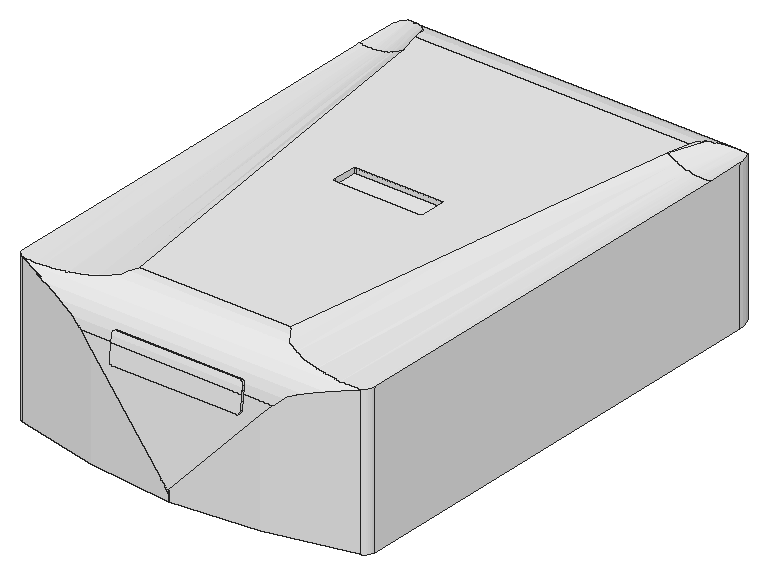
Revit family "Sanitary-Hand-&-Hair-Dryers-Sloan-Valve-EHD-701_", category Specialty Equipment, host Face, Revit 2020
Family settings
  Host = Face
  Round Connector Dimension = Use Diameter
  Part Type = Normal
  OmniClass Number = 23.40.20.21.14
  OmniClass Title = Hand and Hair Dryers
  Cut with Voids When Loaded = No
  Shared = No
  Room Calculation Point = No
Parameters (values of type "EHD-701-PW")
  z_Real Mounting Height [instance] = if(Mounting Height > 48", 48", Mounting Height)  # 35"
  Width = 8 29/32"  # constant formula
  Voltage = 120 V
  URL = "www.sloanvalve.com"
  Product data url = "https://bimobject.com/sloan_valve/product/hand-dryers_optima_EHD-701"
  Product Material = Sloan Valve - Finish - Polished White
  Product Guid = ""
  Power Factor = 1
  Part Number = "3366128"
  Number of Poles = 1
  Mounting Note [instance] = "Suggested Mounting Heights for Ideal Performance (from floor to bottom of dryer): Men: 45” (114 cm), Women: 43” (109 cm), Teenagers: 41” (104 cm), Children: 35” (89 cm), ADA: 37” (94 cm).\r\nNote: When mounting for any user ensure that it is mounted below the 48” ADA Maximum"  # constant formula
  Mounting Height [instance] = 35"
  Model = "EHD-701-PW"
  Manufacturer = "Sloan Valve"  # constant formula
  Keynote = "15410"
  Height = 13 15/16"  # constant formula
  Edition number = 1
  Description = "Sloan Optima® Air Sensor-Operated Wall - Surface - ADA Hand Dryer EHD-701 110/120V, Sloan Optima® Air Sensor-Operated Wall - Surface - ADA Hand Dryer."  # constant formula
  Depth = 4"  # constant formula
  Default Elevation = 0"
  Current = 7 A
  Connector Description = "Electrical Connection"  # constant formula
  Assembly Code = "C1030200"
  Apparent Load = (Voltage * Current) / (Power Factor * Number of Poles)  # 840 VA
Types (2): name | Product Material | Part Number | Model
  EHD-701-BN | Sloan Valve - Finish - Brushed Nickel | "3366129" | "EHD-701-BN"
  EHD-701-PW | Sloan Valve - Finish - Polished White | "3366128" | "EHD-701-PW"
Reference planes (in)
  plane 1 "Center (Front/Back)": y = 0
  plane 2: z = 0
  plane 3 "Center (Left/Right)": x = 0
  plane 4: y = 35
Dimensions and locks (in)
  "z_Real Mounting Height": plane 4 to plane 1 "Center (Front/Back)"
  aligned and locked: plane 2 to host face
  aligned and locked: level to host face
  aligned and locked: plane 3 "Center (Left/Right)" to nested 1
  aligned and locked: plane 4 to nested 1
Automatic sketch dimensions
  host sketch curve to host sketch curve = 96"  (x2)
Nested families (in)
  nested 1: "Dryer-ThinAir" at (0, 41.96875, 0), type "Default"
Connectors (in)
  electrical at (0.00526, 41.89994, 0), driven by "Number of Poles", driven by "Voltage", driven by "Apparent Load", driven by "Power Factor", driven by "Connector Description"
    settings: on nested 1, index 1, voltage 120 V, apparent load 0 VA, apparent load phase1 840 VA, apparent load phase2 0 VA, apparent load phase3 0 VA, power factor 1, load classification "Other", number of poles 1, system type 31, power factor state 1, is connector primary yes, connector utility no, sub classification motor no, connector description "Electrical Connection"
Definition of nested family "Dryer-ThinAir"
  Parameters (values of type "Default")
    Width = 8 29/32"  # constant formula
    URL = ""
    Model = ""
    Material = none
    Manufacturer = ""
    Height = 13 15/16"  # constant formula
    Description = "ThinAir Series"  # constant formula
    Depth = 4"  # constant formula
    Default Elevation = 39"
    Assembly Code = "C1030200"
  Reference planes (in)
    plane 1 "Center (Front/Back)": y = 0
    plane 2: z = 0
    plane 3 "Center (Left/Right)": x = 0
    plane 4 "Front": z = 4
    plane 5 "Back": z = 0
    plane 6: x = 4.45313
    plane 7: x = -4.45312
    plane 8: z = 3
    plane 9: z = 1
    plane 10: y = 6.96875
    plane 11: y = -6.96875
    plane 12: x = -1.66391
    plane 13: x = 1.66391
    plane 14: x = -3.34033
    plane 15: x = 3.34033
    plane 16: z = 3.875
    plane 17: z = 3.75
    plane 18: y = -6.19694
    plane 19: y = -5.5295
    plane 20: z = 2.8375
    plane 21: y = -1.99454
    plane 22: y = 7.38467
    plane 23: x = -5.45312
    plane 24: x = 5.45313
    plane 25: y = -7.33069
    plane 26: y = 4.67812
    plane 27: z = 3.2125
    plane 28: z = 2.4625
    plane 29: y = -6.84927
    plane 30: y = -5.48236
    plane 31: y = 0.34713
    plane 32: y = -0.34713
    plane 33: x = 1.1375
    plane 34: x = -1.1375
    plane 35: y = -6.77243
  Forms (in)
    Extrusion 1, solid
      sketch origin (0, 0, 0) x (1, 0, 0) y (0, 1, 0)
        loop
          line (-48, 48) -> (-48, -48) -> (48, -48) -> (48, 48) -> (-48, 48)
      from 0 to -12
    Extrusion 2, solid, material <- "Material"
      sketch origin (0, -0.9653, 0) x (0, 1, 0) y (0, 0, 1)
        loop
          line (7.91234, 0) -> (7.51218, 2.84729)
          arc (7.51218, 2.84729) -> (7.06465, 3.67154) -> (6.18614, 4) r 1.33907
          line (6.18614, 4) -> (-4.51707, 4)
          arc (-4.51707, 4) -> (-5.3249, 3.6899) -> (-5.71774, 2.91891) r 1.20728
          line (-5.71774, 2.91891) -> (-6.02453, 0) -> (7.91234, 0)
      from -4.45313 to 4.45313
    Blend 3, void
      base sketch origin (0, 0, 0) x (-1, 0, 0) y (0, 0, -1)
        loop
          line (-4.45312, -3.75) -> (-4.45312, -4) -> (-1.66391, -4)
          arc (-1.66391, -4) -> (-3.05026, -3.78289) -> (-4.45312, -3.75) r 10.64644
      top sketch origin (0, 0, 0) x (-1, 0, 0) y (0, 0, -1)
        loop
          arc (-3.34033, -4) -> (-3.87227, -3.76612) -> (-4.45313, -3.74965) r 1.51527
          line (-4.45313, -3.74965) -> (-4.45313, -4) -> (-3.34033, -4)
      from 7.33069 to -4.67812
    Extrusion 4, void
      sketch origin (0, 0, 0) x (1, 0, 0) y (0, 1, 0)
        loop
          arc (-4.45312, 5.58087) -> (-4.33027, 5.9922) -> (-4.00195, 6.26877) r 0.75
          arc (-4.00195, 6.26877) -> (-2.0431, 6.86592) -> (0, 7.00523) r 9.00826
          line (0, 7.00523) -> (0, 7.38467) -> (-5.45312, 7.38467) -> (-5.45312, -7.33069) -> (0, -7.33069) -> (0, -6.96875)
          arc (0, -6.96875) -> (-2.15761, -6.73485) -> (-4.2731, -6.25041) r 18.53957
          arc (-4.2731, -6.25041) -> (-4.40312, -6.16042) -> (-4.45312, -6.01041) r 0.25
          line (-4.45312, -6.01041) -> (-4.45312, 5.58087)
      from 0 to 4.47709
    Extrusion 5, void
      sketch origin (0, 0.00801, 0) x (-1, 0, 0) y (0, -1, 0)
        loop
          line (-4.45312, -5.58087) -> (-4.45312, 6.01041)
          arc (-4.45312, 6.01041) -> (-4.40312, 6.16042) -> (-4.2731, 6.25041) r 0.25
          arc (-4.2731, 6.25041) -> (-2.15761, 6.73485) -> (0, 6.96875) r 18.53957
          line (0, 6.96875) -> (0, 7.3387) -> (-5.45312, 7.3387) -> (-5.45312, -7.37665) -> (0, -7.37665) -> (0, -7.00523)
          arc (0, -7.00523) -> (-2.0431, -6.86592) -> (-4.00195, -6.26877) r 9.00826
          arc (-4.00195, -6.26877) -> (-4.33027, -5.9922) -> (-4.45312, -5.58087) r 0.75
      from 0 to 4.47709
    Blend 6, void
      base sketch origin (0, 0, 0) x (1, 0, 0) y (0, 0, 1)
        loop
          arc (-4.45312, 3.75) -> (-3.05026, 3.78289) -> (-1.66391, 4) r 10.64644
          line (-1.66391, 4) -> (-4.45312, 4) -> (-4.45312, 3.75)
      top sketch origin (0, 0, 0) x (1, 0, 0) y (0, 0, 1)
        loop
          line (-3.34033, 4) -> (-4.45313, 4) -> (-4.45313, 3.74965)
          arc (-4.45313, 3.74965) -> (-3.87227, 3.76612) -> (-3.34033, 4) r 1.51527
      from 7.33069 to -4.67812
    Blend 7, void
      base sketch origin (0, 0, 0) x (1, 0, 0) y (0, 0, 1)
        loop
          arc (-4.45313, 3.74965) -> (-3.87227, 3.76612) -> (-3.34033, 4) r 1.51527
          line (-3.34033, 4) -> (-4.45313, 4) -> (-4.45313, 3.74965)
      top sketch origin (0, 0, 0) x (1, 0, 0) y (0, 0, 1)
        loop
          arc (-4.45313, 3.75171) -> (-4.25764, 3.76745) -> (-4.07972, 3.84994) r 0.55721
          arc (-4.07972, 3.84994) -> (-4.01625, 3.9123) -> (-4.00126, 4) r 0.1447
          line (-4.00126, 4) -> (-4.45313, 4) -> (-4.45313, 3.75171)
      from -4.67812 to -7.38467
    Blend 8, void
      base sketch origin (0, 0, 0) x (-1, 0, 0) y (0, 0, -1)
        loop
          line (-4.45313, -3.74965) -> (-4.45313, -4) -> (-3.34033, -4)
          arc (-3.34033, -4) -> (-3.87227, -3.76612) -> (-4.45313, -3.74965) r 1.51527
      top sketch origin (0, 0, 0) x (-1, 0, 0) y (0, 0, -1)
        loop
          line (-4.45313, -3.75171) -> (-4.45313, -4) -> (-4.00126, -4)
          arc (-4.00126, -4) -> (-4.01625, -3.9123) -> (-4.07972, -3.84994) r 0.1447
          arc (-4.07972, -3.84994) -> (-4.25764, -3.76745) -> (-4.45313, -3.75171) r 0.55721
      from -4.67812 to -7.38467
    Extrusion 9, solid
      sketch origin (0.00958, 0, -0.5375) x (1, 0, 0) y (0, 0, 1)
        loop
          arc (-1.57312, 3.75) -> (-1.6441, 3.7206) -> (-1.6735, 3.64963) r 0.10037
          line (-1.6735, 3.64963) -> (-1.6735, 3.10037)
          arc (-1.6735, 3.10037) -> (-1.6441, 3.0294) -> (-1.57312, 3) r 0.10037
          line (-1.57312, 3) -> (1.55396, 3)
          arc (1.55396, 3) -> (1.62493, 3.0294) -> (1.65433, 3.10037) r 0.10037
          line (1.65433, 3.10037) -> (1.65433, 3.64963)
          arc (1.65433, 3.64963) -> (1.62493, 3.7206) -> (1.55396, 3.75) r 0.10037
          line (1.55396, 3.75) -> (-1.57312, 3.75)
      from 6.19694 to 6.78628
    Extrusion 10, void
      sketch origin (0, -0.0625, 0) x (0, 1, 0) y (0, 0, 1)
        loop
          line (-6.78677, 3.2125) -> (-6.78677, 2.4625) -> (-6.70828, 2.4625) -> (-6.66027, 2.91932)
          arc (-6.66027, 2.91932) -> (-6.63516, 3.06806) -> (-6.5917, 3.2125) r 1.20728
          line (-6.5917, 3.2125) -> (-6.78677, 3.2125)
      from -1.66391 to 1.69137
    Extrusion 11, void
      sketch origin (0, 0, 0) x (1, 0, 0) y (0, 1, 0)
        loop
          arc (-1.11093, 0.34713) -> (-1.12972, 0.33935) -> (-1.1375, 0.32056) r 0.02657
          line (-1.1375, 0.32056) -> (-1.1375, -0.2736)
          arc (-1.1375, -0.2736) -> (-1.11596, -0.32559) -> (-1.06396, -0.34713) r 0.07354
          line (-1.06396, -0.34713) -> (1.06396, -0.34713)
          arc (1.06396, -0.34713) -> (1.11596, -0.32559) -> (1.1375, -0.2736) r 0.07354
          line (1.1375, -0.2736) -> (1.1375, 0.30402)
          arc (1.1375, 0.30402) -> (1.12487, 0.33451) -> (1.09439, 0.34713) r 0.04311
          line (1.09439, 0.34713) -> (-1.11093, 0.34713)
      from 3.75 to 4
    Extrusion 12, solid
      sketch origin (0, 0, 0) x (1, 0, 0) y (0, 1, 0)
        loop
          line (-1.1375, 0.32056) -> (-1.1375, -0.2736)
          arc (-1.1375, -0.2736) -> (-1.11596, -0.32559) -> (-1.06396, -0.34713) r 0.07354
          line (-1.06396, -0.34713) -> (1.06396, -0.34713)
          arc (1.06396, -0.34713) -> (1.11596, -0.32559) -> (1.1375, -0.2736) r 0.07354
          line (1.1375, -0.2736) -> (1.1375, 0.30402)
          arc (1.1375, 0.30402) -> (1.12487, 0.33451) -> (1.09439, 0.34713) r 0.04311
          line (1.09439, 0.34713) -> (-1.11093, 0.34713)
          arc (-1.11093, 0.34713) -> (-1.12972, 0.33935) -> (-1.1375, 0.32056) r 0.02657
      from 3.75 to 3.875
  Cuts and joins
    Blend 3, Extrusion 4, Extrusion 5, Blend 6, Blend 7, Blend 8, Extrusion 10, Extrusion 11 cuts Extrusion 2
    Extrusion 10 cuts Extrusion 9
  Lines and regions (in)
    Masking region 1
      outline origin (0.5625, 0, -0.10753) x (1, 0, 0) y (0, 0, 1)
        loop
          line (3.89062, 0.10753) -> (3.89062, 3.85753)
          arc (3.89062, 3.85753) -> (3.38682, 3.90211) -> (2.92464, 4.10753) r 1.53968
          line (2.92464, 4.10753) -> (-4.04964, 4.10753)
          arc (-4.04964, 4.10753) -> (-4.51182, 3.90211) -> (-5.01563, 3.85753) r 1.53968
          line (-5.01563, 3.85753) -> (-5.01563, 0.10753) -> (3.89062, 0.10753)
    symbolic lines, detail levels medium+fine
      curve 1: arc (-4.45312, 0, 3.74965) -> (-3.17804, 0, 3.77888) -> (-1.92194, 0, 4) r 8.43648
      curve 2: arc (4.45313, 0, 3.74965) -> (3.17804, 0, 3.77888) -> (1.92194, 0, 4) r 8.43648
  Dimensions and locks (in)
    plane 2 to plane 5 "Back" = 0"
    "Depth": plane 4 "Front" to plane 5 "Back"
    equal spacing: plane 6, plane 3 "Center (Left/Right)", plane 7
    "Width": plane 6 to plane 7
    equal spacing: plane 10, plane 1 "Center (Front/Back)", plane 11, locked at 6.96875 each
    "Height": plane 10 to plane 11
    plane 7 to plane 6 = 8 29/32"
    plane 10 to plane 11 = 13 15/16"
    equal spacing: Extrusion 11 sketch curve, plane 3 "Center (Left/Right)", Extrusion 11 sketch curve
    cut or joined group of Extrusion 9, Extrusion 10 to Extrusion 11 sketch curve to Extrusion 11 sketch curve = 5.84981", 0.69427"
    equal spacing: plane 23, plane 3 "Center (Left/Right)", plane 24
    equal spacing: cut or joined group 1 (Extrusion 2, Blend 3, Extrusion 4, Extrusion 5, Blend 6, Blend 7, Blend 8, Extrusion 10, Extrusion 11), plane 1 "Center (Front/Back)", cut or joined group 1
    locked: cut or joined group 1 to cut or joined group 1 at 0.69427
    equal spacing: cut or joined group 1, plane 3 "Center (Left/Right)", cut or joined group 1
    locked: cut or joined group 1 to cut or joined group 1 at 2.275
    locked: plane 4 "Front" to Blend 3 sketch curve at 0.27083
    locked: plane 6 to Blend 3 sketch curve at 1.11279
    locked: plane 4 "Front" to Blend 3 sketch curve at 0.25962
    locked: plane 6 to Blend 3 sketch curve at 2.78921
    plane 4 "Front" to Blend 8 sketch curve to Blend 8 sketch curve = 0.15006" locked, 0.10083" locked
    plane 6 to Blend 8 sketch curve to Blend 8 sketch curve = 0.3734" locked, 0.07994" locked
    locked: plane 4 "Front" to Blend 8 sketch curve at 0.27083
    locked: plane 6 to Blend 8 sketch curve at 1.11279
    aligned and locked: plane 2 to Extrusion 1
    aligned and locked: level to Extrusion 1
    aligned and locked: plane 7 to Extrusion 2
    aligned and locked: plane 6 to Extrusion 2
    aligned and locked: plane 7 to Masking region 1
    aligned and locked: plane 6 to Masking region 1
    aligned and locked: Extrusion 5 to Extrusion 4  (x2)
    aligned and locked: plane 13 to Extrusion 9
    aligned and locked: Extrusion 11 to plane 17
    aligned and locked: plane 16 to Extrusion 12
    aligned and locked: Masking region 1 to plane 4 "Front"
    aligned and locked: level to Masking region 1
    aligned and locked: plane 23 to Extrusion 4
    aligned and locked: Extrusion 5 to plane 24
    aligned and locked: Extrusion 5 to plane 25
    aligned and locked: Extrusion 4 to Extrusion 5
    aligned and locked: Blend 8 to Extrusion 4
    aligned and locked: Extrusion 4 to Blend 7
    aligned and locked: Blend 7 to Blend 3
    aligned and locked: Blend 8 to Blend 3
    aligned and locked: Blend 6 to Blend 3
    aligned and locked: plane 26 to cut or joined group 1
    aligned and locked: plane 18 to Extrusion 9
    aligned and locked: Extrusion 10 to Extrusion 9
    aligned and locked: Extrusion 10 to cut or joined group of Extrusion 9, Extrusion 10
    aligned and locked: plane 28 to cut or joined group of Extrusion 9, Extrusion 10
    aligned and locked: Extrusion 9 to Extrusion 10
    aligned and locked: cut or joined group of Extrusion 9, Extrusion 10 to Extrusion 10
    aligned and locked: plane 29 to Extrusion 10
    aligned and locked: plane 4 "Front" to Extrusion 11
    aligned and locked: cut or joined group 1 to plane 6
    aligned and locked: cut or joined group 1 to plane 7
    aligned and locked: plane 30 to cut or joined group 1
    aligned and locked: Extrusion 5 to plane 3 "Center (Left/Right)"  (x2)
    aligned and locked: plane 32 to cut or joined group 1
    aligned and locked: plane 31 to cut or joined group 1
    aligned and locked: plane 34 to cut or joined group 1
    aligned and locked: cut or joined group 1 to plane 33
    aligned and locked: plane 34 to Extrusion 12
    aligned and locked: Extrusion 4 to Blend 3
    aligned and locked: Extrusion 4 to Blend 6
    aligned and locked: plane 6 to Blend 3 sketch curve
    aligned and locked: plane 4 "Front" to Blend 3 sketch curve
    aligned and locked: Blend 3 sketch curve to plane 6
    aligned and locked: Blend 3 sketch curve to plane 4 "Front"
    aligned and locked: plane 4 "Front" to Blend 8 sketch curve  (x2)
    aligned and locked: plane 6 to Blend 8 sketch curve  (x2)
    aligned and locked: Extrusion 9 sketch curve to plane 12
    aligned and locked: Extrusion 9 sketch curve to plane 13
    aligned and locked: plane 31 to Extrusion 12 sketch curve
    aligned and locked: Extrusion 12 to plane 17
    aligned and locked: Extrusion 12 sketch curve to plane 32
    aligned and locked: plane 34 to Extrusion 12 sketch curve
    aligned and locked: Extrusion 12 sketch curve to plane 33
  Automatic sketch dimensions
    Extrusion 1 sketch curve to Extrusion 1 sketch curve = 96"  (x2)
    plane 7 to curve 1 = 0"
    curve 1 to plane 4 "Front" = 0"
    curve 2 to plane 4 "Front" = 0"
    curve 2 to plane 6 = 0"
    curve 1 to plane 7 = 0.44471"
    curve 2 to plane 6 = 0.44471"
    plane 4 "Front" to curve 2 = 8.1744"
    curve 1 to curve 2 = 0"
    plane 12 to curve 1 = 0.25803"
    plane 13 to curve 2 = 0.25803"
    Extrusion 2 sketch curve to level = 0"
    Extrusion 2 sketch curve to plane 4 "Front" = 0"
    Extrusion 2 sketch curve to plane 30 = 0"
    plane 35 to Extrusion 2 sketch curve = 0.0894"
    Extrusion 2 sketch curve to plane 11 = 0.02107"
    plane 28 to Extrusion 2 sketch curve = 0.19842"
    plane 26 to Extrusion 2 sketch curve = 0.54273"
    Extrusion 2 sketch curve to plane 8 = 0.15271"
    Extrusion 2 sketch curve to plane 10 = 0.0217"
    Extrusion 2 sketch curve to Extrusion 2 sketch curve = 1.20728"
    Blend 3 sketch curve to plane 17 = 0"
    plane 6 to Blend 3 sketch curve = 0.24826"
    plane 22 to Extrusion 4 sketch curve = 0"
    Extrusion 4 sketch curve to plane 23 = 0"
    Extrusion 4 sketch curve to plane 7 = 0"
    Extrusion 4 sketch curve to plane 3 "Center (Left/Right)" = 0"  (x2)
    Extrusion 4 sketch curve to plane 25 = 0"
    Extrusion 4 sketch curve to plane 11 = 0"
    Extrusion 4 sketch curve to plane 7 = 1/4"
    plane 14 to Extrusion 4 sketch curve = 0.36279"
    plane 21 to Extrusion 4 sketch curve = 0.00098"
    Extrusion 4 sketch curve to plane 3 "Center (Left/Right)" = 0.41274"
    plane 33 to Extrusion 4 sketch curve = 0.22161"
    plane 18 to Extrusion 4 sketch curve = 0.18653"
    plane 26 to Extrusion 4 sketch curve = 0.90275"
    plane 10 to Extrusion 4 sketch curve = 0.03648"
    Extrusion 4 sketch curve to plane 22 = 4.16352"
    plane 22 to Extrusion 5 sketch curve = 0"
    Extrusion 5 sketch curve to plane 24 = 0"
    Extrusion 5 sketch curve to plane 6 = 0"
    Extrusion 5 sketch curve to plane 3 "Center (Left/Right)" = 0"  (x2)
    Extrusion 5 sketch curve to plane 25 = 0"
    plane 6 to Extrusion 5 sketch curve = 1/4"
    Extrusion 5 sketch curve to plane 15 = 0.36279"
    Extrusion 5 sketch curve to plane 21 = 0.00899"
    Extrusion 5 sketch curve to plane 3 "Center (Left/Right)" = 0.41274"
    plane 34 to Extrusion 5 sketch curve = 0.22161"
    Extrusion 5 sketch curve to plane 11 = 0.00801"
    Extrusion 5 sketch curve to plane 18 = 0.19454"
    Extrusion 5 sketch curve to plane 26 = 0.91077"
    Extrusion 5 sketch curve to plane 10 = 0.04449"
    plane 22 to Extrusion 5 sketch curve = 4.17153"
    plane 7 to Blend 6 sketch curve = 0"  (x2)
    Blend 6 sketch curve to plane 4 "Front" = 0"  (x2)
    plane 12 to Blend 6 sketch curve = 0"
    Blend 6 sketch curve to plane 17 = 0"
    Blend 6 sketch curve to plane 7 = 0.45242"
    plane 14 to Blend 6 sketch curve = 0"
    Blend 6 sketch curve to plane 7 = 0.24826"
    Blend 6 sketch curve to plane 17 = 0.00035"
    plane 7 to Blend 7 sketch curve = 0"  (x2)
    Blend 7 sketch curve to plane 4 "Front" = 0"  (x2)
    plane 14 to Blend 7 sketch curve = 0"
    Blend 7 sketch curve to plane 7 = 0.24826"
    Blend 7 sketch curve to plane 17 = 0.00035"
    Blend 7 sketch curve to plane 7 = 0.05372"
    Blend 7 sketch curve to plane 4 "Front" = 0.02065"
    Blend 7 sketch curve to plane 7 = 0.30864"
    Blend 7 sketch curve to Blend 7 sketch curve = 0.14322"
    plane 17 to Blend 7 sketch curve = 0.00171"
    plane 4 "Front" to Blend 7 sketch curve = 0.30632"
    plane 6 to Blend 8 sketch curve = 0.24826"
    plane 6 to Blend 8 sketch curve = 0.05372"
    plane 4 "Front" to Blend 8 sketch curve = 0.02065"
    Extrusion 9 sketch curve to plane 28 = 0"
    Extrusion 9 sketch curve to plane 27 = 0"
    Extrusion 9 sketch curve to plane 12 = 0.10037"  (x2)
    Extrusion 9 sketch curve to plane 13 = 0.10037"  (x2)
    Extrusion 10 sketch curve to plane 28 = 0"
    Extrusion 10 sketch curve to plane 29 = 0"
    plane 27 to Extrusion 10 sketch curve = 0"
    plane 35 to Extrusion 10 sketch curve = 0.00165"
    plane 35 to Extrusion 10 sketch curve = 0.04966"
    Extrusion 10 sketch curve to Extrusion 10 sketch curve = 0.19507"
    plane 19 to Extrusion 10 sketch curve = 0.0074"
    Extrusion 10 sketch curve to Extrusion 10 sketch curve = 0.41938"
    Extrusion 11 sketch curve to plane 34 = 0"
    Extrusion 11 sketch curve to Extrusion 11 sketch curve = 0.02657"
    Extrusion 11 sketch curve to plane 34 = 0.07354"
    Extrusion 11 sketch curve to Extrusion 11 sketch curve = 0.07354"
    plane 33 to Extrusion 11 sketch curve = 0.04311"
    Extrusion 12 sketch curve to plane 34 = 0.02657"
    Extrusion 12 sketch curve to Extrusion 12 sketch curve = 0.07354"
    plane 33 to Extrusion 12 sketch curve = 0.07354"
    Extrusion 12 sketch curve to Extrusion 12 sketch curve = 0.04311"
    plane 7 to Masking region 1 sketch curve = 0"
    Masking region 1 sketch curve to plane 4 "Front" = 0"
    Masking region 1 sketch curve to plane 6 = 0"
    Masking region 1 sketch curve to level = 0"
    Masking region 1 sketch curve to plane 17 = 0"  (x2)
    Masking region 1 sketch curve to plane 7 = 0.11804"
    plane 14 to Masking region 1 sketch curve = 0.14681"
    Masking region 1 sketch curve to plane 6 = 0.11804"
    plane 4 "Front" to Masking region 1 sketch curve = 1 73/256"
